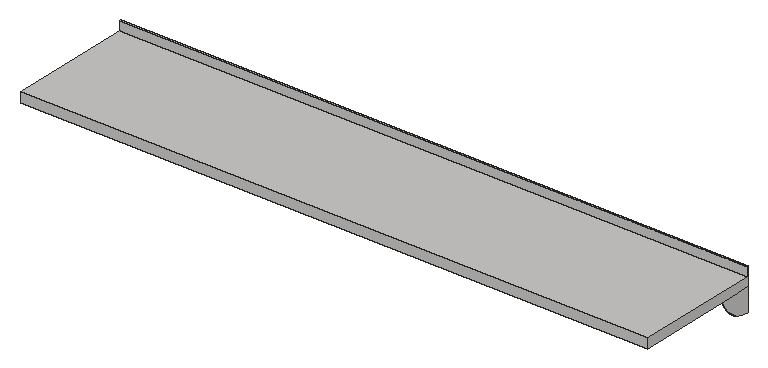
Revit family "QF_ZANUSSI_132828_WSS204N", category Attrezzature speciali, Revit 2020
Family settings
  Quota connettore circolare = Usa diametro
  Tipo di parte = Normale
  Basato su piano di lavoro = No
  Sempre verticale = Sì
  Taglio con vuoti quando caricato = No
  Condiviso = No
  Punto di calcolo locali = No
Parameters (values of type "Standard")
  Weight = 10.00 kg
  Watts = 0 W
  Volts = 0 V
  URL Manufacturer = "http://www.zanussiprofessional.com"
  URL = "http://www.zanussiprofessional.com"
  Steam Supply Size = 0 mm
  Steam Supply Minimum Pressure = 0.0 Pa
  Steam Supply Maximum Pressure = 0.0 Pa
  Steam Consumption per Hour = 0
  Refrigeration Suction Line Size = 0.0 mm
  Refrigeration Liquid Line Size = 0.0 mm
  Refrigerant Compressor Remote = yes
  Prospetto di default = 0.0 mm
  Produttore = "Zanussi"
  Phase = 0
  Modello = "WSS204N"
  Length Actual = 2000.0 mm  # constant formula
  Item Number = "132828"
  Hot Water Size = 0 mm
  Height Actual = 30.0 mm  # constant formula
  HP = "0 HP"
  Gas Size = 0 mm
  Gas KW = 0
  Gas Input Pressure = 0 W
  Direct Waste Size = 0 mm
  Descrizione = "SOLID WALL SHELF WITH BRACKETS 2000 MM"
  Depth Actual = 400.0 mm  # constant formula
  Cycle = 0 Hz
  Condensate Return Size = 0 mm
  Compressed Air Volume = 0.0 L/s
  Compressed Air Size = 0 mm
  Compressed Air Pressure = 0.0 Pa
  Cold Water Size = 0 mm
  Accessory = yes
Reference planes
  plane 1 "Center (Front/Back)": y = 0
  plane 2: z = 0
  plane 3 "Center (Left/Right)": x = -500
  plane 4 "LEFT": x = -1500
  plane 5 "RIGHT": x = 500
  plane 6 "BACK": y = 50
  plane 7 "FRONT": y = -350
  plane 8 "TOP": z = 132
  plane 9: z = 102
  plane 10: z = 72
Forms (mm)
  Extrusion 1, solid, material "QF_Finishes_Stainless Steel"
    sketch origin (-500, 0, 0) x (0, 1, 0) y (0, 0, 1)
      loop
        line (48, 102) -> (-350, 102) -> (-350, 72) -> (50, 72) -> (50, 132) -> (48, 132) -> (48, 102)
    from 1000 to -1000
  Extrusion 2, solid, material "QF_Finishes_Stainless Steel"
    sketch origin (-1500, 0, 0) x (0, 1, 0) y (0, 0, 1)
      loop
        line (50, 72) -> (-50, 72)
        arc (-50, 72) -> (-13.401, 19.967) -> (47, 0) r 101.34
        line (47, 0) -> (50, 0) -> (50, 72)
    from 0 to 3
  Extrusion 3, solid, material "QF_Finishes_Stainless Steel"
    sketch origin (500, 0, 0) x (0, 1, 0) y (0, 0, 1)
      loop
        line (50, 72) -> (-50, 72)
        arc (-50, 72) -> (-13.401, 19.967) -> (47, 0) r 101.34
        line (47, 0) -> (50, 0) -> (50, 72)
    from 0 to -3
  Extrusion 4, solid, material "QF_Finishes_Stainless Steel"
    sketch origin (0, 50, 0) x (-1, 0, 0) y (0, 0, 1)
      loop
        line (1497, 72) -> (1470, 72) -> (1470, 0) -> (1497, 0) -> (1497, 72)
      loop
        arc (1478.5, 10) -> (1475.5, 7) -> (1478.5, 4) r 3
        line (1478.5, 4) -> (1488.5, 4)
        arc (1488.5, 4) -> (1491.5, 7) -> (1488.5, 10) r 3
        line (1488.5, 10) -> (1478.5, 10)
    from 0 to -3
  Extrusion 5, solid, material "QF_Finishes_Stainless Steel"
    sketch origin (0, 50, 0) x (1, 0, 0) y (0, 0, -1)
      loop
        line (497, -72) -> (497, 0) -> (470, 0) -> (470, -72) -> (497, -72)
      loop
        line (478.5, -10) -> (488.5, -10)
        arc (488.5, -10) -> (491.5, -7) -> (488.5, -4) r 3
        line (488.5, -4) -> (478.5, -4)
        arc (478.5, -4) -> (475.5, -7) -> (478.5, -10) r 3
    from 0 to -3
Lines and regions (mm)
  symbolic lines
    curve 1: line (500, 50, 132) -> (-1500, 50, 132)
    curve 2: line (-1500, 50, 132) -> (-1500, -350, 132)
    curve 3: line (-1500, -350, 132) -> (500, -350, 132)
    curve 4: line (500, -350, 132) -> (500, 50, 132)
    curve 5: line (500, 48, 132) -> (-1500, 48, 132)
Dimensions and locks
  plane 4 "LEFT" to plane 5 "RIGHT" = 2000.0 mm
  equal spacing: plane 4 "LEFT", plane 3 "Center (Left/Right)", plane 5 "RIGHT"
  locked: plane 8 "TOP" to level at 132
  plane 6 "BACK" to plane 7 "FRONT" = 400.0 mm
  plane 6 "BACK" to plane 1 "Center (Front/Back)" to plane 7 "FRONT" = 50.0 mm, 350.0 mm
  locked: plane 8 "TOP" to plane 9 at 30
  plane 9 to plane 10 = 30.0 mm
  locked: Extrusion 4 sketch curve to Extrusion 2 at 27
  aligned and locked: level to plane 2
  aligned and locked: Extrusion 1 to plane 4 "LEFT"
  aligned and locked: plane 5 "RIGHT" to Extrusion 1
  aligned and locked: curve 2 to plane 4 "LEFT"
  aligned and locked: Extrusion 1 sketch curve to plane 9
  aligned and locked: Extrusion 4 sketch curve to Extrusion 2
  aligned and locked: Extrusion 4 sketch curve to Extrusion 1
  aligned and locked: Extrusion 4 sketch curve to level
  aligned and locked: plane 6 "BACK" to Extrusion 3 sketch curve
  aligned and locked: Extrusion 3 sketch curve to plane 10
  aligned and locked: Extrusion 3 sketch curve to level
  aligned and locked: plane 6 "BACK" to Extrusion 2 sketch curve
  aligned and locked: Extrusion 2 sketch curve to plane 10
  aligned and locked: Extrusion 2 sketch curve to level
Automatic sketch dimensions
  Extrusion 1 sketch curve to plane 7 "FRONT" = 0.0 mm
  Extrusion 1 sketch curve to plane 8 "TOP" = 0.0 mm
  Extrusion 1 sketch curve to plane 6 "BACK" = 0.0 mm
  Extrusion 1 sketch curve to plane 10 = 0.0 mm
  Extrusion 1 sketch curve to plane 6 "BACK" = 2.0 mm
  Extrusion 2 sketch curve to Extrusion 2 sketch curve = 3.0 mm
  plane 1 "Center (Front/Back)" to Extrusion 2 sketch curve = 50.0 mm
  Extrusion 3 sketch curve to Extrusion 3 sketch curve = 3.0 mm
  plane 1 "Center (Front/Back)" to Extrusion 3 sketch curve = 50.0 mm
  Extrusion 4 sketch curve to Extrusion 4 sketch curve = 8.5 mm
  Extrusion 4 sketch curve to Extrusion 4 sketch curve = 10.0 mm
  level to Extrusion 4 sketch curve = 4.0 mm
  Extrusion 4 sketch curve to Extrusion 4 sketch curve = 3.0 mm
  curve 3 to plane 7 "FRONT" = 0.0 mm
  curve 5 to plane 5 "RIGHT" = 0.0 mm
  curve 4 to plane 6 "BACK" = 0.0 mm
  curve 5 to plane 6 "BACK" = 2.0 mm
  Extrusion 5 sketch curve to plane 10 = 0.0 mm
  Extrusion 5 sketch curve to level = 0.0 mm
  plane 5 "RIGHT" to Extrusion 5 sketch curve = 30.0 mm
  Extrusion 5 sketch curve to Extrusion 5 sketch curve = 8.5 mm
  Extrusion 5 sketch curve to Extrusion 5 sketch curve = 10.0 mm
  plane 5 "RIGHT" to Extrusion 5 sketch curve = 3.0 mm
  Extrusion 5 sketch curve to level = 4.0 mm
  Extrusion 5 sketch curve to Extrusion 5 sketch curve = 3.0 mm
